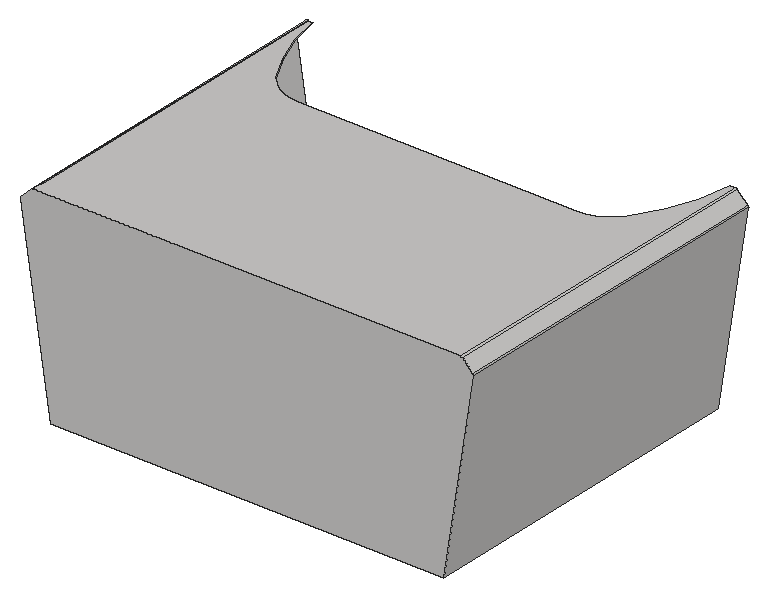
Revit family "PRD_FrankeWS_WlHngWshBsns_AnimaTrapCover_BS206", category Furniture, host Face, Revit 2018
Family settings
  Host = Face
  OmniClass Number = 23.40.20.21
  OmniClass Title = Toilet and Bath Specialties
  Cut with Voids When Loaded = No
  Shared = No
  Room Calculation Point = No
Parameters
  WarrantyStartDate [instance] = "1900-12-31T23:59:59"
  WarrantyGuarantorParts = "n/a"
  WarrantyGuarantorLabor = "n/a"
  WarrantyDurationUnit = "year"
  WarrantyDurationParts = "n/a"
  WarrantyDurationLabor = "n/a"
  WarrantyDescription = "n/a"
  Version = "1"
  Uniclass2015Version = "Products v1.5"
  Uniclass2015Title = "Wall-hung wash basins"
  Uniclass2015Code = "Pr_40_20_96_96"
  URL = "www.kwc.com"
  TrapCoverMaterial = PRD_AR_StainlessSteel_SatinFinished
  TagNumber [instance] = "n/a"
  SustainabilityPerformance = "n/a"
  Style = "Trap cover"
  Size = "542 x 410 x 244 mm"
  Shape = "n/a"
  SerialNumber [instance] = "n/a"
  Revision = "n/a"
  ReplacementCost = "n/a"
  ProductInformation = "https://pim.kwc.com/product/2000058442/attachment/datasheet?locale=en"
  NominalWidth = 0 mm
  NominalLength = 542 mm
  NominalHeight = 410 mm
  NominalDepth = 244 mm
  NetWeight = 4.70 kg
  Name = "ANIMA trap cover BS206"
  NBSTypeID = "n/a"
  NBSReference = "45-35-70/369"
  NBSOfficeMasterTag = "n/a"
  NBSNote = "n/a"
  NBSDescription = "Wall hung wash basins"
  NBSCertification = "n/a"
  ModelReference = "BS206"
  ModelNumber = "2000058442"
  Model = ModelReference  # "BS206"
  Material = "Stainless steel 1.4301"
  ManufacturerURL = "www.kwc.com"
  ManufacturerName = "KWC Group AG"  # constant formula
  Manufacturer = ManufacturerName  # "KWC Group AG"
  MainColor = "Stainless steel"
  InstallationDate [instance] = "1900-12-31T23:59:59"
  IfcExportType = "NOTDEFINED"
  IfcExportAs = "IfcFurnitureType"
  GrossWeight = 4.70 kg
  Grade = "n/a"
  Finish = "Satin finished"
  Features = "stainless steel, 1.00 mm, satin finished, wall mounting, 542x410x244 mm (WxHxD)"
  ExpectedLife = "n/a"
  DurationUnit = "year"
  Description = "Wall mounted trap cover for wash basin BS204 and BS205, stainless steel, surface high polished, material thickness 1 mm, not closed at bottom, incl. screws and dowels."
  Default Elevation = 820 mm
  Constituents = "n/a"
  Color = "Stainless steel"
  CodePerformance = "n/a"
  Category = "Pr_40_20_96_96, Wall-hung wash basins"
  BarCode [instance] = "n/a"
  BIMObjectName = "PRD_AR_WallHungWashBasins_AnimaTrapCover_BS206"
  Author = "Archispace"  # constant formula
  AssetType = "Fixed"
  AssetIdentifier [instance] = "n/a"
  AccessibilityPerformance = "n/a"
Reference planes
  plane 1 "Center (Front/Back)": y = 0
  plane 2: z = 0
  plane 3 "Center (Left/Right)": x = 0
Forms (mm)
  Extrusion 1, solid, material "PRD_AR_StainlessSteel_SatinFinished" <- "TrapCoverMaterial", detail levels medium+fine
    sketch origin (0, 0, 0) x (1, 0, 0) y (0, 0, 1)
      loop
        arc (-255.299, 244) -> (-256.409, 243.779) -> (-257.349, 243.151) r 2.9
        line (-257.349, 243.151) -> (-269.955, 230.545)
        arc (-269.955, 230.545) -> (-270.663, 229.39) -> (-270.769, 228.041) r 2.9
        line (-270.769, 228.041) -> (-234.651, 0) -> (-209.651, 0) -> (-209.651, 1) -> (-233.797, 1) -> (-269.781, 228.197)
        arc (-269.781, 228.197) -> (-269.712, 229.081) -> (-269.248, 229.838) r 1.9
        line (-269.248, 229.838) -> (-256.642, 242.444)
        arc (-256.642, 242.444) -> (-256.026, 242.855) -> (-255.299, 243) r 1.9
        line (-255.299, 243) -> (255.299, 243)
        arc (255.299, 243) -> (256.026, 242.855) -> (256.642, 242.444) r 1.9
        line (256.642, 242.444) -> (269.248, 229.838)
        arc (269.248, 229.838) -> (269.712, 229.081) -> (269.781, 228.197) r 1.9
        line (269.781, 228.197) -> (233.797, 1) -> (209.651, 1) -> (209.651, 0) -> (234.651, 0) -> (270.769, 228.041)
        arc (270.769, 228.041) -> (270.663, 229.39) -> (269.955, 230.545) r 2.9
        line (269.955, 230.545) -> (257.349, 243.151)
        arc (257.349, 243.151) -> (256.409, 243.779) -> (255.299, 244) r 2.9
        line (255.299, 244) -> (-255.299, 244)
    from 0 to 410
  Extrusion 2, void
    sketch origin (0, 0, 0) x (1, 0, 0) y (0, 1, 0)
      loop
        arc (-249.256, 0) -> (-235.828, -54.416) -> (-209.813, -104.06) r 233.35
        arc (-209.813, -104.06) -> (-190.818, -120.916) -> (-166.163, -127) r 53
        line (-166.163, -127) -> (166.163, -127)
        arc (166.163, -127) -> (190.818, -120.916) -> (209.813, -104.06) r 53
        arc (209.813, -104.06) -> (235.828, -54.416) -> (249.256, 0) r 233.35
        line (249.256, 0) -> (-249.256, 0)
    from 179.412 to 250
  Extrusion 3, void
    sketch origin (0, 0, 0) x (1, 0, 0) y (0, 0, 1)
      loop
        line (-233.638, 0) -> (233.638, 0) -> (233.797, 1) -> (-233.797, 1) -> (-233.638, 0)
    from 0 to 133.5
  Extrusion 4, solid, material "PRD_AR_StainlessSteel_SatinFinished" <- "TrapCoverMaterial", detail levels medium+fine
    sketch origin (0, 0, 0) x (1, 0, 0) y (0, 0, 1)
      loop
        line (-233.638, 0) -> (233.638, 0) -> (269.781, 228.197)
        arc (269.781, 228.197) -> (269.712, 229.081) -> (269.248, 229.838) r 1.9
        line (269.248, 229.838) -> (256.642, 242.444)
        arc (256.642, 242.444) -> (256.026, 242.855) -> (255.299, 243) r 1.9
        line (255.299, 243) -> (-255.299, 243)
        arc (-255.299, 243) -> (-256.026, 242.855) -> (-256.642, 242.444) r 1.9
        line (-256.642, 242.444) -> (-269.248, 229.838)
        arc (-269.248, 229.838) -> (-269.712, 229.081) -> (-269.781, 228.197) r 1.9
        line (-269.781, 228.197) -> (-233.638, 0)
    from 401 to 410
  Extrusion 5, solid, material "PRD_AR_StainlessSteel_SatinFinished" <- "TrapCoverMaterial", detail levels coarse
    sketch origin (0, 0, 0) x (1, 0, 0) y (0, 0, 1)
      loop
        line (-271, 244) -> (-271, 0) -> (271, 0) -> (271, 244) -> (-271, 244)
    from 0 to 410
  Extrusion 6, solid, material "PRD_AR_StainlessSteel_SatinFinished" <- "TrapCoverMaterial", detail levels medium
    sketch origin (0, 0, 0) x (1, 0, 0) y (0, 0, 1)
      loop
        line (256.086, 243) -> (269.933, 229.153) -> (233.638, 0) -> (234.651, 0) -> (271, 229.5) -> (256.5, 244) -> (-256.5, 244) -> (-271, 229.5) -> (-234.651, 0) -> (-233.638, 0) -> (-269.933, 229.153) -> (-256.086, 243) -> (256.086, 243)
    from 0 to 410
Cuts and joins
  Extrusion 2, Extrusion 3 cuts Extrusion 1
  joined: Extrusion 1, Extrusion 4
  Extrusion 2 cuts Extrusion 6
Dimensions and locks
  aligned and locked: plane 2 to host face
  aligned and locked: level to host face
